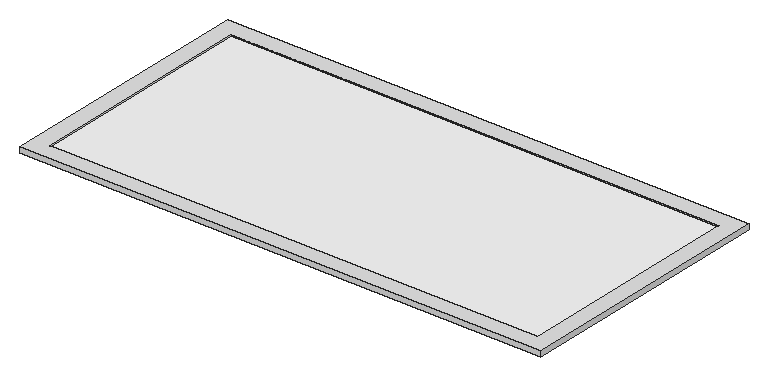
Revit family "LUXI_PANEL LIGHT_PW-E", category Apparecchi per illuminazione, host Superficie, Revit 2016
Family settings
  Host = Superficie
  Tipo di parte = Normale
  Quota connettore circolare = Usa diametro
  Numero OmniClass = 23.80.70.00
  Titolo OmniClass = Lighting
  Taglio con vuoti quando caricato = No
  Sorgente d'illuminazione = Sì
  Condiviso = No
  Punto di calcolo locali = Sì
Parameters (values of type "LPWE060612W840")
  Wattage = 39.0462 W
  Vita utile = "L70B20 60.000ore"  # constant formula
  Variazione temperatura colore lampada con luminosità attenuata = <Nessuno>
  Uniclass 2015 Descrizione = "Lighting"  # constant formula
  Uniclass 2015 Codice = "EF_70_80"  # constant formula
  URL = "https://www.luxi.lighting/"
  Tipologie di installazione = "Incasso / plafone / sospensione"  # constant formula
  Temperatura di esercizio = "0°C / +40°C"  # constant formula
  built-in parameter 1150107 = 4000 (stored number, unit not read)
  Step MacAdam (SDCM) = "<4"  # constant formula
  Sorgente = "LED SMD"  # constant formula
  Sistema di illuminazione = "Luce indiretta (edge light)"  # constant formula
  Simbolo [instance] = yes
  Revisione = "3"  # constant formula
  Rendi la forma visibile nel rendering = no
  Regolazione del flusso luminoso = "1-10V / DALI / PUSH DIM"  # constant formula
  Protezione agli urti = "IK07 (2 Joule)"  # constant formula
  Prospetto di default = 2000 mm
  Produttore = "Luxi Illuminazione S.r.l."  # constant formula
  Potenza = 60 W
  Peso = 7.40 kg
  built-in parameter 1150110 = 1 (stored number, unit not read)
  built-in parameter 1150109 = 1 (stored number, unit not read)
  built-in parameter 1114218 = 1 (stored number, unit not read)
  built-in parameter 1150112 = 1 (stored number, unit not read)
  Ottiche = "Pannello diffondente opalino"  # constant formula
  OFF1 = 38 mm
  Modello = "Serie PW-E | Panel Light"  # constant formula
  built-in parameter 1150137 = 1
  built-in parameter 1150132 = 2
  Materiale 3 = Lamiera Acciaio
  Materiale 2 = Alluminio Estruso_Bianco
  Materiale 1 = Tecnopolimero Opale Alta Trasmittanza
  Masterformat 2016 Descrizione = "Lighting"  # constant formula
  Masterformat 2016 Codice = "26.50.00"  # constant formula
  Lunghezza = 1195 mm
  Larghezza = 595 mm
  built-in parameter 1150105 = 2010.9 (stored number, unit not read)
  built-in parameter 1150102 = (empty or 0)
  Indice di resa cromatica = "≥80 (typ.)"  # constant formula
  built-in parameter 1150106 = 20.109 (stored number, unit not read)
  IFCExportAs = "IFCLightFixtureType"  # constant formula
  H = 11 mm
  Grado di protezione = "IP20, IP 40 (frontale)"  # constant formula
  Garanzia = "5 anni"  # constant formula
  Lumens = 5800 lm
  Color Filter = 16777215
  File diagramma fotometrico = "LPWE060612W840 Luxi Serie PW-E 60W 595x1195 4000K.IES"
  built-in parameter 1114217 = 1 (stored number, unit not read)
  built-in parameter 1150139 = (empty or 0)
  Fattore di correzione di potenza = "≥0,95 (typ.)"  # constant formula
  Emetti da lunghezza rettangolo = Lunghezza - (2 * OFF1)  # 1119 mm
  Emetti da larghezza rettangolo = Larghezza - (2 * OFF1)  # 519 mm
  built-in parameter 1150104 = 13.8 (stored number, unit not read)
  Distanza da soffitto [instance] = 0 mm
  built-in parameter 1150115 = 1 (stored number, unit not read)
  built-in parameter 1150114 = 1 (stored number, unit not read)
  built-in parameter 1150113 = 1 (stored number, unit not read)
  Dimensioni = "595x1195x11"
  Descrizione = "LED panel"  # constant formula
  built-in parameter 1150134 = 12
  built-in parameter 1150138 = (empty or 0)
  Colore = "Bianco"  # constant formula
  Classe di rischio fotobiologico = "Esente (RG0)"  # constant formula
  Classe di protezione = "II"  # constant formula
  Classe di efficienza energetica = "A++"  # constant formula
  Certificazioni = "CE / RohS"  # constant formula
  Carico apparente = Potenza  # 60 VA
  Articolo = "LPWE060612W840"
  Angolo inclinazione = -90.00°
  Alimentazione = "220-240V AC / 50-60 Hz"  # constant formula
  Alimentatore = "Incluso, non dimmerabile"  # constant formula
  built-in parameter 1150133 = 10 (stored number, unit not read)
Types (11, lengths in mm): name | Wattage | built-in parameter 1150107 | Potenza | Peso | Lunghezza | Larghezza | built-in parameter 1150105 | built-in parameter 1150106 | Lumens | File diagramma fotometrico | Emetti da lunghezza rettangolo | Emetti da larghezza rettangolo | Dimensioni | built-in parameter 1150134 | Carico apparente | Articolo
  (no name) | 39.0462 W | 4000 (stored number, unit not read) | 60 W | 7.40 kg | 1195 | 595 | 2010.9 (stored number, unit not read) | 20.109 (stored number, unit not read) | 5800 lm | "LPWE060612W840 Luxi Serie PW-E 60W 595x1195 4000K.IES" | 1119 | 519 | "595x1195x11" | 12 | 60 VA | "LPWE060612W840"
  LPWE018330W830 | 10.7714 W | 3000 (stored number, unit not read) | 18 W | 1.50 kg | 295 | 295 | 127.32 (stored number, unit not read) | 1.2732 (stored number, unit not read) | 1600 lm | "LPWE018330W830 Luxi Serie PW-E 18W 295x295 3000K.IES" | 219 | 219 | "295x295x11" | (empty or 0) | 18 VA | "LPWE018330W830"
  LPWE018330W840 | 11.108 W | 4000 (stored number, unit not read) | 18 W | 1.50 kg | 295 | 295 | 568.29 (stored number, unit not read) | 5.6829 (stored number, unit not read) | 1650 lm | "LPWE018330W840 Luxi Serie PW-E 18W 295x295 4000K.IES" | 219 | 219 | "295x295x11" | 12 | 18 VA | "LPWE018330W840"
  LPWE022360W830 | 12.791 W | 3000 (stored number, unit not read) | 22 W | 2.00 kg | 595 | 295 | 654.39 (stored number, unit not read) | 6.5439 (stored number, unit not read) | 1900 lm | "LPWE022360W830 Luxi Serie PW-E 22W 295x595 3000K.IES" | 519 | 219 | "295x595x11" | (empty or 0) | 22 VA | "LPWE022360W830"
  LPWE022360W840 | 13.1276 W | 4000 (stored number, unit not read) | 22 W | 2.00 kg | 595 | 295 | 671.62 (stored number, unit not read) | 6.7162 (stored number, unit not read) | 1950 lm | "LPWE022360W840 Luxi Serie PW-E 22W 295x595 4000K.IES" | 519 | 219 | "295x595x11" | 12 | 22 VA | "LPWE022360W840"
  LPWE036660W830 | 22.2159 W | 3000 (stored number, unit not read) | 36 W | 3.60 kg | 595 | 595 | 1136.6 (stored number, unit not read) | 11.366 (stored number, unit not read) | 3300 lm | "LPWE036660W830 Luxi Serie PW-E 36W 595x595 3000K.IES" | 519 | 519 | "595x595x11" | (empty or 0) | 36 VA | "LPWE036660W830"
  LPWE036660W840 | 23.5624 W | 4000 (stored number, unit not read) | 36 W | 3.60 kg | 595 | 595 | 1213.4 (stored number, unit not read) | 12.134 (stored number, unit not read) | 3500 lm | "LPWE036660W840 Luxi Serie PW-E 36W 595x595 4000K.IES" | 519 | 519 | "595x595x11" | 12 | 36 VA | "LPWE036660W840"
  LPWE036312W830 | 22.2159 W | 3000 (stored number, unit not read) | 36 W | 3.80 kg | 1195 | 295 | 1144.1 (stored number, unit not read) | 11.441 (stored number, unit not read) | 3300 lm | "LPWE036312W830 Luxi Serie PW-E 36W 295x1195 3000K.IES" | 1119 | 219 | "295x1195x11" | (empty or 0) | 36 VA | "LPWE036312W830"
  LPWE036312W840 | 23.5624 W | 4000 (stored number, unit not read) | 36 W | 3.80 kg | 1195 | 295 | 1213.4 (stored number, unit not read) | 12.134 (stored number, unit not read) | 3500 lm | "LPWE036312W840 Luxi Serie PW-E 36W 295x1195 4000K.IES" | 1119 | 219 | "295x1195x11" | 12 | 36 VA | "LPWE036312W840"
  LPWE060612W830 | 37.6998 W | 3000 (stored number, unit not read) | 60 W | 7.40 kg | 1195 | 595 | 1941.5 (stored number, unit not read) | 19.415 (stored number, unit not read) | 5600 lm | "LPWE060612W830 Luxi Serie PW-E 60W 595x1195 3000K.IES" | 1119 | 519 | "595x1195x11" | (empty or 0) | 60 VA | "LPWE060612W830"
  LPWE060612W840 | 39.0462 W | 4000 (stored number, unit not read) | 60 W | 7.40 kg | 1195 | 595 | 2010.9 (stored number, unit not read) | 20.109 (stored number, unit not read) | 5800 lm | "LPWE060612W840 Luxi Serie PW-E 60W 595x1195 4000K.IES" | 1119 | 519 | "595x1195x11" | 12 | 60 VA | "LPWE060612W840"
Reference planes
  plane 1 "Centro (Fronte/Retro)": y = 0
  plane 2: z = 0
  plane 3 "Centro (Sinistra/Destra)": x = 0
  plane 4: y = 297.5
  plane 5: y = -297.5
  plane 6: x = 597.5
  plane 7: x = -597.5
  plane 8: y = 259.5
  plane 9: y = -259.5
  plane 10: x = 559.5
  plane 11: x = -559.5
  plane 12: z = 11
  plane 13: z = 0
  plane 14: z = 9
  plane 15: z = 1
Forms (mm)
  Extrusion 1, solid, material "Alluminio Estruso_Bianco" <- "Materiale 2"
    sketch origin (0, 0, 0) x (1, 0, 0) y (0, 1, 0)
      loop
        line (-597.5, 297.5) -> (-597.5, -297.5) -> (597.5, -297.5) -> (597.5, 297.5) -> (-597.5, 297.5)
      loop
        line (-559.5, 259.5) -> (-559.5, -259.5) -> (559.5, -259.5) -> (559.5, 259.5) -> (-559.5, 259.5)
    from 0 to 11
  Extrusion 2, solid, material "Tecnopolimero Opale Alta Trasmittanza" <- "Materiale 1"
    sketch origin (0, 0, 0) x (1, 0, 0) y (0, 1, 0)
      loop
        line (-559.5, 259.5) -> (-559.5, -259.5) -> (559.5, -259.5) -> (559.5, 259.5) -> (-559.5, 259.5)
    from 1 to 9
  Extrusion 3, solid, material "Alluminio Estruso_Bianco" <- "Materiale 2"
    sketch origin (0, 0, 0) x (1, 0, 0) y (0, 1, 0)
      loop
        line (-597.5, 297.5) -> (-597.5, -297.5) -> (597.5, -297.5) -> (597.5, 297.5) -> (-597.5, 297.5)
    from 0 to 1
Cuts and joins
  joined: Extrusion 1, Extrusion 3
Dimensions and locks
  equal spacing: plane 7, plane 3 "Centro (Sinistra/Destra)", plane 6
  equal spacing: plane 5, plane 1 "Centro (Fronte/Retro)", plane 4
  "Lunghezza": plane 7 to plane 6
  "Larghezza": plane 5 to plane 4
  "OFF1": plane 7 to plane 11
  "OFF1": plane 10 to plane 6
  "OFF1": plane 8 to plane 4
  "OFF1": plane 9 to plane 5
  "H": plane 12 to plane 13
  "Distanza da soffitto": plane 13 to host face
  locked: plane 12 to plane 14 at 2
  locked: plane 15 to plane 13 at 1
  aligned and locked: plane 2 to host face
  aligned and locked: level to host face
  aligned and locked: Extrusion 1 to plane 13
  aligned and locked: plane 12 to Extrusion 1
  aligned and locked: plane 14 to Extrusion 2
  aligned and locked: plane 12 to imposter light
  aligned and locked: Extrusion 2 to plane 15
  aligned and locked: Extrusion 3 to Extrusion 1
  aligned and locked: Extrusion 3 to Extrusion 2
Automatic sketch dimensions
  host sketch curve to host sketch curve = 2438.4 mm  (x2)
  Extrusion 1 sketch curve to plane 5 = 0 mm
  Extrusion 1 sketch curve to plane 7 = 0 mm
  plane 8 to Extrusion 1 sketch curve = 0 mm
  Extrusion 1 sketch curve to plane 9 = 0 mm
  Extrusion 1 sketch curve to plane 11 = 0 mm
  Extrusion 1 sketch curve to plane 10 = 0 mm
  plane 4 to Extrusion 1 sketch curve = 0 mm
  Extrusion 1 sketch curve to plane 6 = 0 mm
  plane 8 to Extrusion 2 sketch curve = 0 mm
  Extrusion 2 sketch curve to plane 11 = 0 mm
  Extrusion 2 sketch curve to plane 10 = 0 mm
  Extrusion 2 sketch curve to plane 9 = 0 mm
  Extrusion 3 sketch curve to plane 7 = 0 mm
  plane 4 to Extrusion 3 sketch curve = 0 mm
  Extrusion 3 sketch curve to plane 6 = 0 mm
  Extrusion 3 sketch curve to plane 5 = 0 mm
Nested families
  nested 1: "PanelDET" at (0, 0, 0), Largh <- "Larghezza", Lungh <- "Lunghezza", Off1 <- "OFF1", visible <- "Simbolo", type "PanelDET"
    with Off1 38 mm, Lungh 1195 mm, Largh 595 mm
Connectors
  electrical at (0, 0, 0), driven by "Potenza"
    settings: on cut or joined group of Extrusion 1, Extrusion 3, index 1, voltage 230 V, apparent load 0 VA, apparent load phase1 60 VA, apparent load phase2 0 VA, apparent load phase3 0 VA, power factor 1, load classification "Altro", number of poles 1, system type 31, power factor state 1, is connector primary yes, connector utility no, sub classification motor no, connector description ""
Definition of nested family "PanelDET"
  Parameters (values of type "PanelDET")
    Off1 [instance] = 93.635 mm
    Lungh [instance] = 1078.827 mm
    Largh [instance] = 899.656 mm
  Reference planes
    plane 1 "Centro (Fronte/Retro)": y = 0
    plane 2: z = 0
    plane 3 "Centro (Sinistra/Destra)": x = 0
  Lines and regions (mm)
    detail lines, in view "Livello rif."
      curve 1: line (-539.414, 449.828, 0) -> (539.414, 449.828, 0)
      curve 2: line (-539.414, -449.828, 0) -> (-539.414, 449.828, 0)
      curve 3: line (539.414, -449.828, 0) -> (-539.414, -449.828, 0)
      curve 4: line (539.414, 449.828, 0) -> (539.414, -449.828, 0)
      curve 5: line (-445.779, 356.193, 0) -> (445.779, 356.193, 0)
      curve 6: line (-445.779, -356.193, 0) -> (-445.779, 356.193, 0)
      curve 7: line (445.779, -356.193, 0) -> (-445.779, -356.193, 0)
      curve 8: line (445.779, 356.193, 0) -> (445.779, -356.193, 0)
  Dimensions and locks
    equal spacing: curve 2, plane 3 "Centro (Sinistra/Destra)", curve 4
    equal spacing: curve 3, plane 1 "Centro (Fronte/Retro)", curve 1
    equal spacing: curve 7, plane 1 "Centro (Fronte/Retro)", curve 5
    equal spacing: curve 6, plane 3 "Centro (Sinistra/Destra)", curve 8
    "Lungh": curve 2 to curve 4
    "Largh": curve 1 to curve 3
    "Off1": curve 5 to curve 1
    "Off1": curve 8 to curve 4
